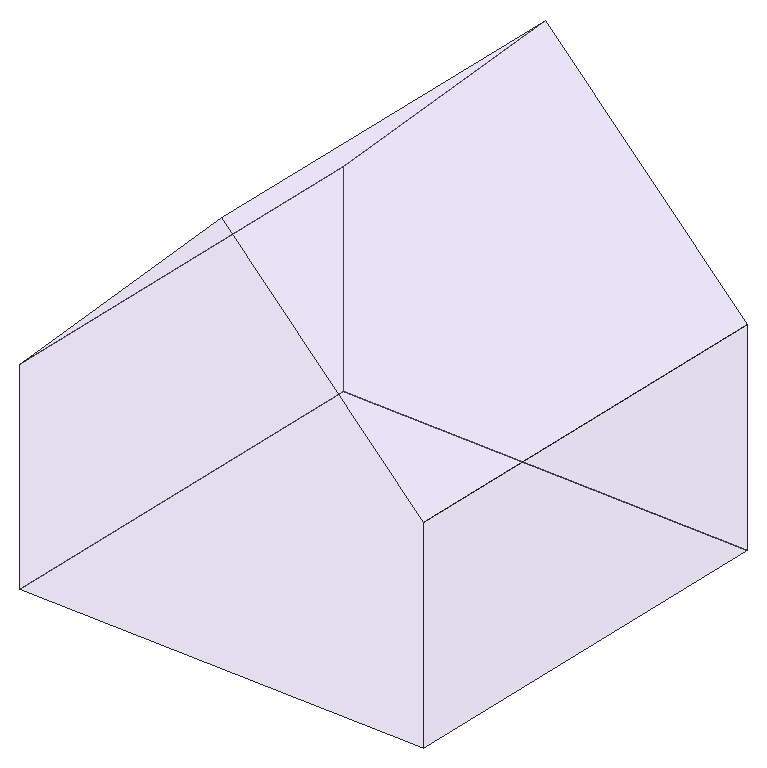
Revit family
Parameters
  폭 [instance] = 9000 mm
  매스 재료 [instance] = 기본 매스
  처마 높이 [instance] = 4500 mm
  높이 [instance] = 9000 mm
  깊이 [instance] = 9000 mm
  Default Elevation = 1219.2 mm
Reference planes
  plane 1 "중심(앞/뒤)": y = 12.955
  plane 2: z = 0
  plane 3 "중심(왼쪽/오른쪽)": x = -30.261
  plane 4: y = 4512.955
  plane 5: x = 4469.739
  plane 6: x = -4530.261
  plane 7: y = -4487.045
  plane 8: z = 9000
  plane 9: z = 4500
Forms (mm)
  Extrusion 1, solid, material "기본 매스" <- "매스 재료"
    sketch origin (0, 12.955, 0) x (1, 0, 0) y (0, 0, 1)
      loop
        line (4469.739, 0) -> (4469.739, 4500) -> (-30.261, 9000) -> (-4530.261, 4500) -> (-4530.261, 0) -> (4469.739, 0)
    from -4500 to 4500
Dimensions and locks
  equal spacing: plane 6, plane 3 "중심(왼쪽/오른쪽)", plane 5
  "폭": plane 6 to plane 5
  equal spacing: plane 4, plane 1 "중심(앞/뒤)", plane 7
  "깊이": plane 4 to plane 7
  "높이": plane 8 to plane 2
  locked: plane 2 to level
  "처마 높이": plane 9 to plane 2
  aligned and locked: Extrusion 1 sketch curve to plane 5
  aligned and locked: plane 6 to Extrusion 1 sketch curve
  aligned and locked: Extrusion 1 to plane 4
  aligned and locked: Extrusion 1 to plane 7
  aligned and locked: plane 2 to Extrusion 1 sketch curve
  aligned and locked: plane 9 to Extrusion 1 sketch curve  (x2)
  aligned and locked: plane 8 to Extrusion 1 sketch curve
Automatic sketch dimensions
  Extrusion 1 sketch curve to plane 3 "중심(왼쪽/오른쪽)" = 0 mm
